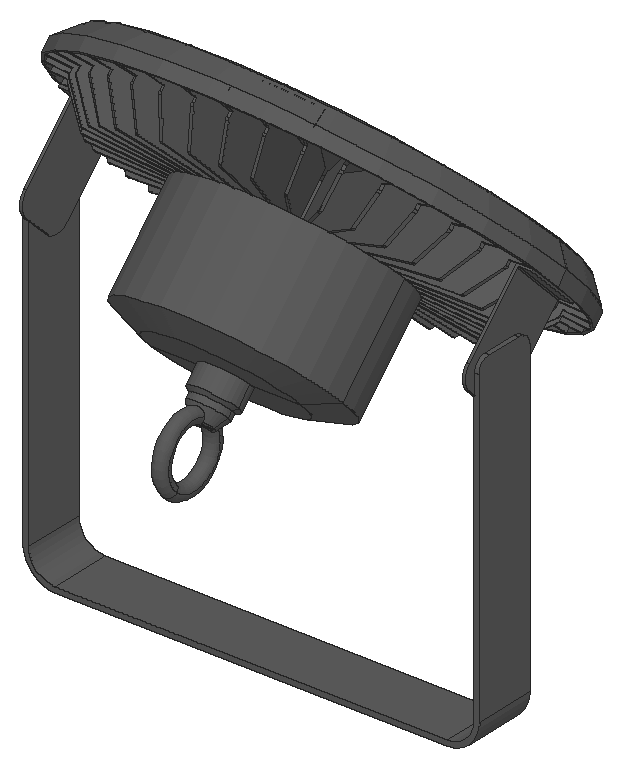
Revit family "0039347+0039353 Feilo Sylvania Lighting Fixture START HIGHBAY 4K 13KLM WIDE with BRACKET", category Lighting Fixtures, host Face, Revit 2017 (continued)
Definition of nested family "Start LED Highbay Head"
  Dimensions and locks
    equal spacing: plane 38, plane 3 "Center (Left/Right)", plane 39
    "EyeThickness_FEILO": plane 38 to plane 39
    "EyeThickness_FEILO": plane 37 to plane 40
    equal spacing: plane 37, plane 41, plane 40
    equal spacing: plane 6, plane 42, plane 18
    "ThicknessBracket_FEILO": plane 45 to plane 6
    "ThicknessBracket_FEILO": plane 8 to plane 44
    locked: plane 43 to plane 18 at 1
    equal spacing: plane 24, plane 46, plane 26
    equal spacing: plane 47, plane 1 "Center (Front/Back)", plane 48
    "WidthBracket_FEILO": plane 47 to plane 48
    "WidthRingChamfer_FEILO": plane 50 to plane 49
    "ThicknessWall_FEILO": plane 51 to plane 49
    equal spacing: plane 50, plane 52, plane 51
    "ThicknessBracket_FEILO": plane 54 to plane 50
    locked: plane 53 to plane 51 at 1
    "Radius_FEILO": plane 49 to plane 3 "Center (Left/Right)"
    "ShadeRadiusOut_FEILO": plane 3 "Center (Left/Right)" to plane 55
    "ShadeHeight_FEILO": plane 56 to plane 4
    "ShadeRadiusIn_FEILO": plane 3 "Center (Left/Right)" to plane 57
    locked: plane 58 to plane 57 at 8
    "ShadeThickness_FEILO": plane 60 to plane 4
    "ShadeThickness_FEILO": plane 59 to plane 55
    "EyeThicknessHalf_FEILO": radius of curve 8
    "ThicknessBracket_FEILO": radius of Extrusion 7 sketch curve  (x2)
    "ThicknessBracketHalf_FEILO": radius of Extrusion 7 sketch curve  (x2)
    "ShadeRadiusBend_FEILO": radius of curve 9
    aligned and locked: plane 2 to Extrusion 1
    aligned and locked: level to Extrusion 1
    aligned and locked: plane 5 to curve 1
    aligned and locked: plane 6 to curve 1
    aligned and locked: plane 7 to curve 1
    aligned and locked: plane 10 to curve 2
    aligned and locked: plane 9 to curve 3
    aligned and locked: plane 4 to curve 3
    aligned and locked: plane 11 to curve 3
    aligned and locked: plane 4 to curve 4
    aligned and locked: plane 18 to curve 5
    aligned and locked: plane 10 to curve 5
    aligned and locked: Revolve 2 sketch curve to plane 3 "Center (Left/Right)"
    aligned and locked: Revolve 2 sketch curve to curve 3
    aligned and locked: Revolve 2 sketch curve to curve 1
    aligned and locked: plane 4 to Revolve 2 sketch curve
    aligned and locked: plane 9 to Revolve 2 sketch curve
    aligned and locked: Revolve 2 sketch curve to plane 13
    aligned and locked: Revolve 2 sketch curve to plane 10
    aligned and locked: plane 13 to Revolve 2 sketch curve
    aligned and locked: plane 10 to Revolve 2 sketch curve
    aligned and locked: Revolve 2 sketch curve to plane 18
    aligned and locked: Revolve 2 sketch curve to plane 8
    aligned and locked: plane 5 to Revolve 2 sketch curve  (x2)
    aligned and locked: Revolve 3 sketch curve to plane 3 "Center (Left/Right)"
    aligned and locked: plane 11 to Revolve 3 sketch curve
    aligned and locked: Revolve 3 sketch curve to curve 2
    aligned and locked: plane 15 to Revolve 3 sketch curve
    aligned and locked: Revolve 3 sketch curve to plane 16
    aligned and locked: plane 17 to Revolve 3 sketch curve  (x2)
    aligned and locked: Revolve 3 sketch curve to plane 12
    aligned and locked: plane 7 to Revolve 3 sketch curve
    aligned and locked: Revolve 4 sketch curve to plane 3 "Center (Left/Right)"
    aligned and locked: Revolve 4 sketch curve to plane 14
    aligned and locked: plane 3 "Center (Left/Right)" to Revolve 4 sketch curve
    aligned and locked: Revolve 4 sketch curve to plane 12
    aligned and locked: plane 15 to Revolve 4 sketch curve
    aligned and locked: Revolve 2 sketch curve to curve 5
    aligned and locked: plane 22 to curve 6
    aligned and locked: plane 21 to curve 6
    aligned and locked: plane 20 to curve 6
    aligned and locked: plane 19 to curve 6
    aligned and locked: plane 33 to curve 7
    aligned and locked: plane 32 to curve 7
    aligned and locked: plane 35 to curve 7
    aligned and locked: plane 34 to curve 7
    aligned and locked: Revolve 5 sketch curve to plane 3 "Center (Left/Right)"
    aligned and locked: Revolve 5 sketch curve to plane 25
    aligned and locked: plane 27 to Revolve 5 sketch curve
    aligned and locked: plane 28 to Revolve 5 sketch curve
    aligned and locked: plane 30 to Revolve 5 sketch curve
    aligned and locked: Revolve 5 sketch curve to plane 29
    aligned and locked: plane 31 to Revolve 5 sketch curve
    aligned and locked: Revolve 5 sketch curve to curve 7
    aligned and locked: Revolve 5 sketch curve to plane 32
    aligned and locked: plane 34 to Revolve 5 sketch curve
    aligned and locked: plane 3 "Center (Left/Right)" to Revolve 5 sketch curve
    aligned and locked: plane 3 "Center (Left/Right)" to curve 8
    aligned and locked: plane 41 to curve 8
    aligned and locked: Revolve 6 sketch curve to plane 36
    aligned and locked: Revolve 6 sketch curve to curve 8
    aligned and locked: plane 43 to Extrusion 7 sketch curve  (x2)
    aligned and locked: plane 8 to Extrusion 7 sketch curve  (x3)
    aligned and locked: Extrusion 7 sketch curve to plane 45
    aligned and locked: Extrusion 7 sketch curve to plane 46  (x2)
    aligned and locked: plane 6 to Extrusion 7 sketch curve
    aligned and locked: Extrusion 7 sketch curve to plane 44  (x2)
    aligned and locked: Extrusion 7 to plane 48
    aligned and locked: plane 47 to Extrusion 7
    aligned and locked: plane 53 to Extrusion 7 sketch curve
    aligned and locked: plane 50 to Extrusion 7 sketch curve
    aligned and locked: Extrusion 7 sketch curve to plane 54
    aligned and locked: Extrusion 8 sketch curve to Extrusion 8 sketch curve
    aligned and locked: Extrusion 8 to plane 6
    aligned and locked: Extrusion 8 to Extrusion 7
    aligned and locked: Revolve 5 sketch curve to plane 22
    aligned and locked: plane 23 to nested 1
    aligned and locked: plane 1 "Center (Front/Back)" to nested 1
    aligned and locked: Revolve 9 sketch curve to plane 3 "Center (Left/Right)"
    aligned and locked: Revolve 9 sketch curve to plane 4
    aligned and locked: plane 6 to Revolve 9 sketch curve
    aligned and locked: plane 4 to Revolve 9 sketch curve
    aligned and locked: plane 7 to Revolve 9 sketch curve
    aligned and locked: Revolve 9 sketch curve to plane 5
    aligned and locked: plane 8 to Revolve 9 sketch curve  (x2)
    aligned and locked: Revolve 9 sketch curve to plane 19
    aligned and locked: plane 20 to Revolve 9 sketch curve
    aligned and locked: plane 19 to Revolve 9 sketch curve
    aligned and locked: plane 21 to Revolve 9 sketch curve
    aligned and locked: plane 22 to Revolve 9 sketch curve  (x2)
    aligned and locked: Revolve 9 sketch curve to Revolve 9 sketch curve
    aligned and locked: imposter light to plane 4
    aligned and locked: plane 3 "Center (Left/Right)" to imposter light
    aligned and locked: imposter light to plane 1 "Center (Front/Back)"
    aligned and locked: plane 55 to curve 9
    aligned and locked: plane 56 to curve 9
    aligned and locked: plane 57 to curve 9
    aligned and locked: plane 4 to curve 9
    aligned and locked: Revolve 10 sketch curve to curve 9
    aligned and locked: plane 58 to Revolve 10 sketch curve
    aligned and locked: plane 57 to Revolve 10 sketch curve
    aligned and locked: plane 56 to Revolve 10 sketch curve  (x2)
    aligned and locked: Revolve 10 sketch curve to plane 58
    aligned and locked: plane 60 to Revolve 10 sketch curve
  Automatic sketch dimensions
    Extrusion 1 sketch curve to Extrusion 1 sketch curve = 2438.4 mm  (x2)
    Revolve 2 sketch curve to plane 6 = 0.299 mm
    plane 6 to Revolve 2 sketch curve = 0.459 mm
    Revolve 2 sketch curve to level = 609.6 mm
    Revolve 2 sketch curve to Revolve 2 sketch curve = 2312.223 mm
    Revolve 3 sketch curve to plane 12 = 0 mm
    Revolve 3 sketch curve to plane 3 "Center (Left/Right)" = 0 mm
    Revolve 3 sketch curve to level = 609.6 mm
    Revolve 3 sketch curve to plane 4 = 2339.058 mm
    Revolve 4 sketch curve to level = 609.6 mm
    Revolve 4 sketch curve to plane 4 = 2339.058 mm
    Revolve 6 sketch curve to plane 5 = 1080 mm
    plane 38 to Revolve 6 sketch curve = 1219.2 mm
    Extrusion 8 sketch curve to plane 47 = 0 mm
    plane 46 to Extrusion 8 sketch curve = 0 mm  (x2)
    Extrusion 8 sketch curve to plane 48 = 0 mm
    plane 47 to Extrusion 8 sketch curve = 5 mm
    plane 1 "Center (Front/Back)" to Extrusion 8 sketch curve = 10 mm
    Extrusion 8 sketch curve to Extrusion 8 sketch curve = 10 mm
    plane 46 to Extrusion 8 sketch curve = 5 mm
    Extrusion 8 sketch curve to Extrusion 8 sketch curve = 5 mm
    Extrusion 8 sketch curve to plane 48 = 5 mm
    Revolve 5 sketch curve to plane 26 = 0 mm
    Revolve 5 sketch curve to plane 35 = 0.437 mm
    plane 35 to Revolve 5 sketch curve = 0.847 mm
    Revolve 5 sketch curve to plane 34 = 0.726 mm
    plane 40 to Revolve 5 sketch curve = 590.2 mm
    Revolve 5 sketch curve to plane 4 = 2339.058 mm
    Revolve 9 sketch curve to level = 609.6 mm
    Revolve 9 sketch curve to Revolve 9 sketch curve = 2386.058 mm
    curve 2 to plane 3 "Center (Left/Right)" = 0 mm
    Revolve 10 sketch curve to Revolve 10 sketch curve = 0 mm  (x2)
    Revolve 10 sketch curve to plane 3 "Center (Left/Right)" = 0 mm
    plane 57 to Revolve 10 sketch curve = 0.659 mm
    Revolve 10 sketch curve to level = 609.6 mm
    Revolve 10 sketch curve to Revolve 10 sketch curve = 2068.248 mm
  Nested families
    nested 1: "Start Highbay Rib" at (0, 0, 67.775), type "Type Name", detail levels medium+fine
      with SuspensionHeight_FEILO 2.6 mm
    nested 2: "Start Highbay Rib" at (0, 0, 67.775) x (0.9877, 0.1564, 0) z (0, 0, 1), type "Type Name", detail levels medium+fine
      with SuspensionHeight_FEILO 2.6 mm
    nested 3: "Start Highbay Rib" at (0, 0, 67.775) x (0.9511, 0.309, 0) z (0, 0, 1), type "Type Name", detail levels medium+fine
      with SuspensionHeight_FEILO 2.6 mm
    nested 4: "Start Highbay Rib" at (0, 0, 67.775) x (0.891, 0.454, 0) z (0, 0, 1), type "Type Name", detail levels medium+fine
      with SuspensionHeight_FEILO 2.6 mm
    nested 5: "Start Highbay Rib" at (0, 0, 67.775) x (0.809, 0.5878, 0) z (0, 0, 1), type "Type Name", detail levels medium+fine
      with SuspensionHeight_FEILO 2.6 mm
    nested 6: "Start Highbay Rib" at (0, 0, 67.775) x (0.7071, 0.7071, 0) z (0, 0, 1), type "Type Name", detail levels medium+fine
      with SuspensionHeight_FEILO 2.6 mm
    nested 7: "Start Highbay Rib" at (0, 0, 67.775) x (0.5878, 0.809, 0) z (0, 0, 1), type "Type Name", detail levels medium+fine
      with SuspensionHeight_FEILO 2.6 mm
    nested 8: "Start Highbay Rib" at (0, 0, 67.775) x (0.454, 0.891, 0) z (0, 0, 1), type "Type Name", detail levels medium+fine
      with SuspensionHeight_FEILO 2.6 mm
    nested 9: "Start Highbay Rib" at (0, 0, 67.775) x (0.309, 0.9511, 0) z (0, 0, 1), type "Type Name", detail levels medium+fine
      with SuspensionHeight_FEILO 2.6 mm
    nested 10: "Start Highbay Rib" at (0, 0, 67.775) x (0.1564, 0.9877, 0) z (0, 0, 1), type "Type Name", detail levels medium+fine
      with SuspensionHeight_FEILO 2.6 mm
    nested 11: "Start Highbay Rib" at (0, 0, 67.775) x (0, 1, 0) z (0, 0, 1), type "Type Name", detail levels medium+fine
      with SuspensionHeight_FEILO 2.6 mm
    nested 12: "Start Highbay Rib" at (0, 0, 67.775) x (-0.1564, 0.9877, 0) z (0, 0, 1), type "Type Name", detail levels medium+fine
      with SuspensionHeight_FEILO 2.6 mm
    nested 13: "Start Highbay Rib" at (0, 0, 67.775) x (-0.309, 0.9511, 0) z (0, 0, 1), type "Type Name", detail levels medium+fine
      with SuspensionHeight_FEILO 2.6 mm
    nested 14: "Start Highbay Rib" at (0, 0, 67.775) x (-0.454, 0.891, 0) z (0, 0, 1), type "Type Name", detail levels medium+fine
      with SuspensionHeight_FEILO 2.6 mm
    nested 15: "Start Highbay Rib" at (0, 0, 67.775) x (-0.5878, 0.809, 0) z (0, 0, 1), type "Type Name", detail levels medium+fine
      with SuspensionHeight_FEILO 2.6 mm
    nested 16: "Start Highbay Rib" at (0, 0, 67.775) x (-0.7071, 0.7071, 0) z (0, 0, 1), type "Type Name", detail levels medium+fine
      with SuspensionHeight_FEILO 2.6 mm
    nested 17: "Start Highbay Rib" at (0, 0, 67.775) x (-0.809, 0.5878, 0) z (0, 0, 1), type "Type Name", detail levels medium+fine
      with SuspensionHeight_FEILO 2.6 mm
    nested 18: "Start Highbay Rib" at (0, 0, 67.775) x (-0.891, 0.454, 0) z (0, 0, 1), type "Type Name", detail levels medium+fine
      with SuspensionHeight_FEILO 2.6 mm
    nested 19: "Start Highbay Rib" at (0, 0, 67.775) x (-0.9511, 0.309, 0) z (0, 0, 1), type "Type Name", detail levels medium+fine
      with SuspensionHeight_FEILO 2.6 mm
    nested 20: "Start Highbay Rib" at (0, 0, 67.775) x (-0.9877, 0.1564, 0) z (0, 0, 1), type "Type Name", detail levels medium+fine
      with SuspensionHeight_FEILO 2.6 mm
    nested 21: "Start Highbay Rib" at (0, 0, 67.775) x (-1, 0, 0) z (0, 0, 1), type "Type Name", detail levels medium+fine
      with SuspensionHeight_FEILO 2.6 mm
    nested 22: "Start Highbay Rib" at (0, 0, 67.775) x (-0.9877, -0.1564, 0) z (0, 0, 1), type "Type Name", detail levels medium+fine
      with SuspensionHeight_FEILO 2.6 mm
    nested 23: "Start Highbay Rib" at (0, 0, 67.775) x (-0.9511, -0.309, 0) z (0, 0, 1), type "Type Name", detail levels medium+fine
      with SuspensionHeight_FEILO 2.6 mm
    nested 24: "Start Highbay Rib" at (0, 0, 67.775) x (-0.891, -0.454, 0) z (0, 0, 1), type "Type Name", detail levels medium+fine
      with SuspensionHeight_FEILO 2.6 mm
    nested 25: "Start Highbay Rib" at (0, 0, 67.775) x (-0.809, -0.5878, 0) z (0, 0, 1), type "Type Name", detail levels medium+fine
      with SuspensionHeight_FEILO 2.6 mm
    nested 26: "Start Highbay Rib" at (0, 0, 67.775) x (-0.7071, -0.7071, 0) z (0, 0, 1), type "Type Name", detail levels medium+fine
      with SuspensionHeight_FEILO 2.6 mm
    nested 27: "Start Highbay Rib" at (0, 0, 67.775) x (-0.5878, -0.809, 0) z (0, 0, 1), type "Type Name", detail levels medium+fine
      with SuspensionHeight_FEILO 2.6 mm
    nested 28: "Start Highbay Rib" at (0, 0, 67.775) x (-0.454, -0.891, 0) z (0, 0, 1), type "Type Name", detail levels medium+fine
      with SuspensionHeight_FEILO 2.6 mm
    nested 29: "Start Highbay Rib" at (0, 0, 67.775) x (-0.309, -0.9511, 0) z (0, 0, 1), type "Type Name", detail levels medium+fine
      with SuspensionHeight_FEILO 2.6 mm
    nested 30: "Start Highbay Rib" at (0, 0, 67.775) x (-0.1564, -0.9877, 0) z (0, 0, 1), type "Type Name", detail levels medium+fine
      with SuspensionHeight_FEILO 2.6 mm
    nested 31: "Start Highbay Rib" at (0, 0, 67.775) x (0, -1, 0) z (0, 0, 1), type "Type Name", detail levels medium+fine
      with SuspensionHeight_FEILO 2.6 mm
    nested 32: "Start Highbay Rib" at (0, 0, 67.775) x (0.1564, -0.9877, 0) z (0, 0, 1), type "Type Name", detail levels medium+fine
      with SuspensionHeight_FEILO 2.6 mm
    nested 33: "Start Highbay Rib" at (0, 0, 67.775) x (0.309, -0.9511, 0) z (0, 0, 1), type "Type Name", detail levels medium+fine
      with SuspensionHeight_FEILO 2.6 mm
    nested 34: "Start Highbay Rib" at (0, 0, 67.775) x (0.454, -0.891, 0) z (0, 0, 1), type "Type Name", detail levels medium+fine
      with SuspensionHeight_FEILO 2.6 mm
    nested 35: "Start Highbay Rib" at (0, 0, 67.775) x (0.5878, -0.809, 0) z (0, 0, 1), type "Type Name", detail levels medium+fine
      with SuspensionHeight_FEILO 2.6 mm
    nested 36: "Start Highbay Rib" at (0, 0, 67.775) x (0.7071, -0.7071, 0) z (0, 0, 1), type "Type Name", detail levels medium+fine
      with SuspensionHeight_FEILO 2.6 mm
    nested 37: "Start Highbay Rib" at (0, 0, 67.775) x (0.809, -0.5878, 0) z (0, 0, 1), type "Type Name", detail levels medium+fine
      with SuspensionHeight_FEILO 2.6 mm
    nested 38: "Start Highbay Rib" at (0, 0, 67.775) x (0.891, -0.454, 0) z (0, 0, 1), type "Type Name", detail levels medium+fine
      with SuspensionHeight_FEILO 2.6 mm
    nested 39: "Start Highbay Rib" at (0, 0, 67.775) x (0.9511, -0.309, 0) z (0, 0, 1), type "Type Name", detail levels medium+fine
      with SuspensionHeight_FEILO 2.6 mm
    nested 40: "Start Highbay Rib" at (0, 0, 67.775) x (0.9877, -0.1564, 0) z (0, 0, 1), type "Type Name", detail levels medium+fine
      with SuspensionHeight_FEILO 2.6 mm
  Definition of nested family "Start Highbay Rib"
    Parameters (values of type "Type Name")
      WidthStraight_FEILO = if(SizeS_FEILO, 3 mm, if(SizeM_FEILO, 4 mm, 4.7 mm))  # 3 mm
      WidthRingChamfer_FEILO = if(SizeS_FEILO, 10.3 mm, if(SizeM_FEILO, 11.2 mm, 12.9 mm))  # 10.3 mm
      WidthCurved_FEILO = if(SizeS_FEILO, 17.4 mm, if(SizeM_FEILO, 16.4 mm, 26.2 mm))  # 17.4 mm
      WidthCurvedRing_FEILO = if(SizeS_FEILO, 3 mm, if(SizeM_FEILO, 4 mm, 4.7 mm))  # 3 mm
      WidthBracket_FEILO = 40 mm
      URL = "http://www.feilosylvania.com"
      Type Image = (empty or 0)
      Type Comments = "n/a"
      ThicknessWall_FEILO = 1.5 mm
      ThicknessBracket_FEILO = 1.5 mm
      ThicknessBracketHalf_FEILO = ThicknessBracket_FEILO / 2  # 0.75 mm
      SuspensionHeight_FEILO [instance] = 2.6 mm
      SizeS_FEILO = yes
      SizeM_FEILO = no
      Rib4_FEILO = if(SizeS_FEILO, 18.1 mm, if(SizeM_FEILO, 13.6 mm, 14.6 mm))  # 18.1 mm
      Rib3_FEILO = if(SizeS_FEILO, 15.3 mm, if(SizeM_FEILO, 17.6 mm, 20.2 mm))  # 15.3 mm
      Rib2_FEILO = if(SizeS_FEILO, 3.6 mm, if(SizeM_FEILO, 3.9 mm, 4.5 mm))  # 3.6 mm
      Rib1_FEILO = if(SizeS_FEILO, 15.1 mm, if(SizeM_FEILO, 16.5 mm, 19 mm))  # 15.1 mm
      RadiusRib_FEILO = 2 mm
      RadiusDiffuser_FEILO = if(SizeS_FEILO, 95.2 mm, if(SizeM_FEILO, 105.3 mm, 120 mm))  # 95.2 mm
      RHRadius3_FEILO = if(SizeS_FEILO, 6.6 mm, if(SizeM_FEILO, 7.4 mm, 8.6 mm))  # 6.6 mm
      RHRadius2_FEILO = if(SizeS_FEILO, 11 mm, if(SizeM_FEILO, 12 mm, 14 mm))  # 11 mm
      RHRadius1_FEILO = if(SizeS_FEILO, 13.6 mm, if(SizeM_FEILO, 14.9 mm, 17.7 mm))  # 13.6 mm
      RHHeight4_FEILO = if(SizeS_FEILO, 7.3 mm, if(SizeM_FEILO, 8 mm, 9.2 mm))  # 7.3 mm
      RHHeight3_FEILO = if(SizeS_FEILO, 3.6 mm, if(SizeM_FEILO, 3.7 mm, 4.6 mm))  # 3.6 mm
      RHHeight2_FEILO = if(SizeS_FEILO, 2 mm, if(SizeM_FEILO, 2.2 mm, 2.6 mm))  # 2 mm
      RHHeight1_FEILO = if(SizeS_FEILO, 11.8 mm, if(SizeM_FEILO, 15.3 mm, 17.4 mm))  # 11.8 mm
      Material_3_FEILO = none
      Model = ""
      Manufacturer = "Feilo Sylvania"
      Keynote = "16500"
      HeightRing_FEILO = if(SizeS_FEILO, 19.8 mm, if(SizeM_FEILO, 32 mm, 36.8 mm))  # 19.8 mm
      HeightRingChamfer_FEILO = if(SizeS_FEILO, 11.7 mm, if(SizeM_FEILO, 23.2 mm, 26.6 mm))  # 11.7 mm
      EyeThickness_FEILO = if(SizeS_FEILO, 8.4 mm, if(SizeM_FEILO, 9.2 mm, 10.5 mm))  # 8.4 mm
      EyeThicknessHalf_FEILO = EyeThickness_FEILO / 2  # 4.2 mm
      EyeInner_FEILO = if(SizeS_FEILO, 13.8 mm, if(SizeM_FEILO, 15.1 mm, 17.3 mm))  # 13.8 mm
      DriverVerticalStraight_FEILO = if(SizeS_FEILO, 46.5 mm, if(SizeM_FEILO, 49.7 mm, 57 mm))  # 46.5 mm
      DriverVerticalChamfer_FEILO = if(SizeS_FEILO, 7.5 mm, if(SizeM_FEILO, 8.2 mm, 9.5 mm))  # 7.5 mm
      DriverRadius_FEILO = if(SizeS_FEILO, 61.4 mm, if(SizeM_FEILO, 67.2 mm, 76.4 mm))  # 61.4 mm
      DriverRadiusTop_FEILO = if(SizeS_FEILO, 42 mm, if(SizeM_FEILO, 45.3 mm, 52.4 mm))  # 42 mm
      DriverBottom_FEILO = if(SizeS_FEILO, 56 mm, if(SizeM_FEILO, 64.5 mm, 74 mm))  # 56 mm
      Material_2_FEILO = none
      Radius_FEILO = if(SizeS_FEILO, 135 mm, if(SizeM_FEILO, 148 mm, 169.5 mm))  # 135 mm
      Description = ""
      Default Elevation = 1219.2 mm
      Cost = 0
      Material_1_FEILO = none
      Assembly Code = "D5020200"
      Material_4_FEILO = none
    Reference planes
      plane 1 "Center (Front/Back)": y = 0
      plane 2: z = 0
      plane 3 "Center (Left/Right)": x = 0
      plane 4: z = 2.6
      plane 5: x = -135
      plane 6: x = -124.7
      plane 7: z = -9.1
      plane 8: z = -17.2
      plane 9: x = -121.7
      plane 10: z = -0.025
      plane 11: x = -104.3
      plane 12: x = -95.2
      plane 13: x = -118.7
      plane 14: z = 0.975
      plane 15: z = -1.025
      plane 16: x = -92.2
      plane 17: z = -2.025
      plane 18: x = -133.5
      plane 19: x = -119.9
      plane 20: z = -20.8
      plane 21: x = -104.6
      plane 22: z = -38.9
      plane 23: x = -20
      plane 24: z = -53.4
      plane 25: x = -61.4
      plane 26: z = -99.9
      plane 27: x = -42
      plane 28: z = -107.4
      plane 29: x = -13.6
      plane 30: z = -119.2
      plane 31: z = -121.2
      plane 32: x = -11
      plane 33: z = -124.8
      plane 34: z = -132.1
      plane 35: x = -6.6
      plane 36: z = -145.9
      plane 37: z = -159.7
      plane 38: x = 4.2
      plane 39: x = -4.2
      plane 40: z = -168.1
      plane 41: z = -163.9
      plane 42: x = -129.1
      plane 43: x = -132.5
      plane 44: z = -18.7
      plane 45: x = -123.2
      plane 46: z = -76.65
      plane 47: y = -20
      plane 48: y = 20
      plane 49: x = 135
      plane 50: x = 124.7
      plane 51: x = 133.5
      plane 52: x = 129.1
      plane 53: x = 132.5
      plane 54: x = 123.2
      plane 55: y = 0.75
      plane 56: y = -0.75
    Forms (mm)
      Extrusion 1, solid
        sketch origin (4.2, 0, 0) x (1, 0, 0) y (0, 1, 0)
          loop
            line (-1219.2, 1219.2) -> (-1219.2, -1219.2) -> (1219.2, -1219.2) -> (1219.2, 1219.2) -> (-1219.2, 1219.2)
        from 0 to -68.017
      Extrusion 2, solid, material <- "Material_1_FEILO"
        sketch origin (0, 0, 0) x (1, 0, 0) y (0, 0, 1)
          loop
            arc (-104.3, -0.025) -> (-111.555, 0.423) -> (-118.7, 1.76) r 58.981
            line (-118.7, 1.76) -> (-118.7, -0.025) -> (-125.012, -0.025) -> (-133.5, -9.666) -> (-133.5, -17.2) -> (-119.9, -17.2) -> (-119.9, -20.068)
            arc (-119.9, -20.068) -> (-119.778, -20.755) -> (-119.427, -21.359) r 2
            line (-119.427, -21.359) -> (-104.966, -38.467)
            arc (-104.966, -38.467) -> (-104.381, -38.789) -> (-103.723, -38.9) r 2
            line (-103.723, -38.9) -> (-20, -38.9) -> (-20, -9.1) -> (-95.2, -9.1) -> (-95.2, -2.025) -> (-104.3, -2.025) -> (-104.3, -0.025)
        from -0.75 to 0.75
    Lines and regions (mm)
      reference lines
        curve 1: line (-135, 0, -9.1) -> (-124.7, 0, 2.6)
        curve 2: line (-104.3, 0, -0.025) -> (0, 0, -0.025)
        curve 3: arc (-104.3, 0, -0.025) -> (-113.098, 0, 0.635) -> (-121.7, 0, 2.6) r 58.981
        curve 4: line (-124.7, 0, 2.6) -> (-121.7, 0, 2.6)
        curve 5: line (-125.012, 0, -0.025) -> (-133.5, 0, -9.666)
        curve 6: line (-119.9, 0, -20.8) -> (-104.6, 0, -38.9)
    Dimensions and locks
      "Radius_FEILO": plane 3 "Center (Left/Right)" to plane 5
      "WidthRingChamfer_FEILO": plane 6 to plane 5
      "WidthStraight_FEILO": plane 9 to plane 6
      "WidthCurvedRing_FEILO": plane 13 to plane 9
      locked: plane 10 to plane 15 at 1
      locked: plane 14 to plane 10 at 1
      locked: plane 4 to plane 10 at 2.625
      locked: plane 15 to plane 17 at 1
      "ThicknessWall_FEILO": plane 18 to plane 5
      "ThicknessWall_FEILO": curve 5 to curve 1
      "HeightRingChamfer_FEILO": plane 4 to plane 7
      "HeightRing_FEILO": plane 4 to plane 8
      "RadiusDiffuser_FEILO": plane 3 "Center (Left/Right)" to plane 12
      locked: plane 16 to plane 12 at 3
      "WidthCurved_FEILO": plane 11 to plane 9
      "SuspensionHeight_FEILO": plane 4 to plane 2
      "Rib1_FEILO": plane 19 to plane 5
      "Rib2_FEILO": plane 8 to plane 20
      "Rib3_FEILO": plane 21 to plane 19
      "Rib4_FEILO": plane 20 to plane 22
      locked: plane 3 "Center (Left/Right)" to plane 23 at 20
      "DriverBottom_FEILO": plane 4 to plane 24
      "DriverRadius_FEILO": plane 3 "Center (Left/Right)" to plane 25
      "DriverVerticalStraight_FEILO": plane 24 to plane 26
      "DriverRadiusTop_FEILO": plane 3 "Center (Left/Right)" to plane 27
      "DriverVerticalChamfer_FEILO": plane 26 to plane 28
      "RHRadius1_FEILO": plane 3 "Center (Left/Right)" to plane 29
      "RHHeight2_FEILO": plane 30 to plane 31
      "RHRadius2_FEILO": plane 3 "Center (Left/Right)" to plane 32
      "RHHeight3_FEILO": plane 31 to plane 33
      "RHHeight4_FEILO": plane 33 to plane 34
      "RHRadius3_FEILO": plane 3 "Center (Left/Right)" to plane 35
      "RHHeight1_FEILO": plane 28 to plane 30
      "EyeInner_FEILO": plane 34 to plane 36
      "EyeInner_FEILO": plane 36 to plane 37
      equal spacing: plane 38, plane 3 "Center (Left/Right)", plane 39
      "EyeThickness_FEILO": plane 38 to plane 39
      "EyeThickness_FEILO": plane 37 to plane 40
      equal spacing: plane 37, plane 41, plane 40
      equal spacing: plane 6, plane 42, plane 18
      "ThicknessBracket_FEILO": plane 45 to plane 6
      "ThicknessBracket_FEILO": plane 8 to plane 44
      locked: plane 43 to plane 18 at 1
      equal spacing: plane 24, plane 46, plane 26
      equal spacing: plane 47, plane 1 "Center (Front/Back)", plane 48
      "WidthBracket_FEILO": plane 47 to plane 48
      "WidthRingChamfer_FEILO": plane 50 to plane 49
      "ThicknessWall_FEILO": plane 51 to plane 49
      equal spacing: plane 50, plane 52, plane 51
      "ThicknessBracket_FEILO": plane 54 to plane 50
      locked: plane 53 to plane 51 at 1
      "Radius_FEILO": plane 49 to plane 3 "Center (Left/Right)"
      equal spacing: plane 56, plane 1 "Center (Front/Back)", plane 55
      "ThicknessWall_FEILO": plane 56 to plane 55
      "RadiusRib_FEILO": radius of Extrusion 2 sketch curve  (x2)
      aligned and locked: plane 2 to Extrusion 1
      aligned and locked: level to Extrusion 1
      aligned and locked: plane 5 to curve 1
      aligned and locked: plane 6 to curve 1
      aligned and locked: plane 7 to curve 1
      aligned and locked: plane 10 to curve 2
      aligned and locked: plane 9 to curve 3
      aligned and locked: plane 4 to curve 3
      aligned and locked: plane 11 to curve 3
      aligned and locked: plane 4 to curve 4
      aligned and locked: plane 18 to curve 5
      aligned and locked: plane 10 to curve 5
      aligned and locked: plane 22 to curve 6
      aligned and locked: plane 21 to curve 6
      aligned and locked: plane 20 to curve 6
      aligned and locked: plane 19 to curve 6
      aligned and locked: Extrusion 2 sketch curve to plane 23
      aligned and locked: Extrusion 2 sketch curve to plane 22
      aligned and locked: Extrusion 2 sketch curve to curve 6
      aligned and locked: plane 19 to Extrusion 2 sketch curve
      aligned and locked: Extrusion 2 sketch curve to plane 8
      aligned and locked: Extrusion 2 sketch curve to curve 5
      aligned and locked: Extrusion 2 sketch curve to curve 3
      aligned and locked: Extrusion 2 to plane 55
      aligned and locked: plane 56 to Extrusion 2
      aligned and locked: curve 6 to Extrusion 2 sketch curve
    Automatic sketch dimensions
      Extrusion 1 sketch curve to Extrusion 1 sketch curve = 2438.4 mm  (x2)
      curve 2 to plane 3 "Center (Left/Right)" = 0 mm
      Extrusion 2 sketch curve to plane 18 = 0 mm
      Extrusion 2 sketch curve to plane 10 = 0 mm
      Extrusion 2 sketch curve to plane 13 = 0 mm
      Extrusion 2 sketch curve to plane 7 = 0 mm
      Extrusion 2 sketch curve to plane 12 = 0 mm
      Extrusion 2 sketch curve to plane 17 = 0 mm
      plane 19 to Extrusion 2 sketch curve = 0.473 mm
      Extrusion 2 sketch curve to plane 21 = 0.366 mm
